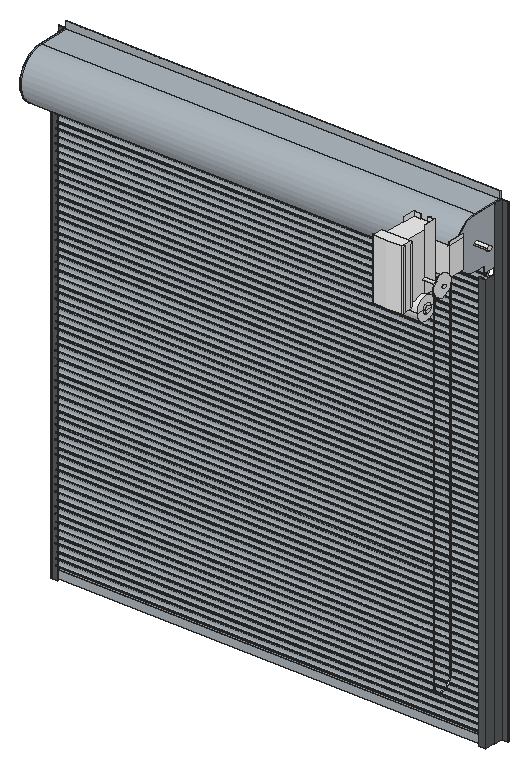
Revit family "Doors_Industrial_Wayne-Dalton_Rolling-Service-Doors-Model-900_", category Specialty Equipment, host Wall, Revit 2019 (continued)
Definition of nested family "900"
  Forms (in)
    Extrusion 2, solid, material <- "Panel Material", visible <- "#2"
      sketch origin (0, -4.88176, 13.73777) x (0, 1, 0) y (0, 0, 1)
        loop
          spline (5.10421, -10.08769) -> (5.23253, -10.12962) -> (5.31627, -10.20036) -> (5.36837, -10.29927) -> (5.40143, -10.42552) -> (5.42135, -10.57448) -> (5.42766, -10.73793) -> (5.41968, -10.90753) -> (5.39669, -11.07492) -> (5.35577, -11.23087) -> (5.28959, -11.36436) -> (5.19031, -11.4642) -> (5.05007, -11.51918)
          arc (5.05007, -11.51918) -> (4.98228, -11.61896) -> (5.07478, -11.69639) r 0.08991
          arc (5.07478, -11.69639) -> (4.98011, -11.85314) -> (5.10432, -11.98771) r 0.15243
          spline (5.10432, -11.98771) -> (5.23292, -12.02973) -> (5.31684, -12.10063) -> (5.36905, -12.19975) -> (5.40218, -12.32627) -> (5.42214, -12.47554) -> (5.42847, -12.63934) -> (5.42047, -12.8093) -> (5.39743, -12.97705) -> (5.35642, -13.13333) -> (5.29011, -13.26711) -> (5.19061, -13.36717) -> (5.05007, -13.42226)
          arc (5.05007, -13.42226) -> (4.98186, -13.51851) -> (5.06769, -13.59946) r 0.08991
          arc (5.06769, -13.59946) -> (5.14916, -13.8892) -> (5.16282, -13.58853) r 0.15243
          line (5.16282, -13.58853) -> (5.06209, -13.53739)
          arc (5.06209, -13.53739) -> (5.04215, -13.50482) -> (5.06226, -13.47236) r 0.03642
          spline (5.06226, -13.47236) -> (5.20336, -13.41363) -> (5.31139, -13.31922) -> (5.39023, -13.19291) -> (5.44374, -13.03849) -> (5.47576, -12.86007) -> (5.48904, -12.66836) -> (5.48534, -12.48039) -> (5.46639, -12.31344) -> (5.43391, -12.18465) -> (5.39029, -12.09923) -> (5.33914, -12.04022) -> (5.2842, -11.98827)
          line (5.2842, -11.98827) -> (5.2842, -11.83777)
          arc (5.2842, -11.83777) -> (5.25002, -11.74158) -> (5.16282, -11.68853) r 0.15243
          line (5.16282, -11.68853) -> (5.06209, -11.63739)
          arc (5.06209, -11.63739) -> (5.04215, -11.60482) -> (5.06226, -11.57236) r 0.03642
          spline (5.06226, -11.57236) -> (5.20336, -11.51363) -> (5.31139, -11.41922) -> (5.39023, -11.29291) -> (5.44374, -11.13849) -> (5.47576, -10.96007) -> (5.48904, -10.76836) -> (5.48534, -10.58039) -> (5.46639, -10.41344) -> (5.43391, -10.28465) -> (5.39029, -10.19923) -> (5.33914, -10.14022) -> (5.2842, -10.08827)
          line (5.2842, -10.08827) -> (5.2842, -9.93777)
          arc (5.2842, -9.93777) -> (5.25002, -9.84158) -> (5.16282, -9.78853) r 0.15243
          line (5.16282, -9.78853) -> (5.06209, -9.73739)
          arc (5.06209, -9.73739) -> (5.04215, -9.70482) -> (5.06226, -9.67236) r 0.03642
          spline (5.06226, -9.67236) -> (5.20336, -9.61363) -> (5.31139, -9.51922) -> (5.39023, -9.39291) -> (5.44374, -9.23849) -> (5.47576, -9.06007) -> (5.48904, -8.86836) -> (5.48534, -8.68039) -> (5.46639, -8.51344) -> (5.43391, -8.38465) -> (5.39029, -8.29923) -> (5.33914, -8.24022) -> (5.2842, -8.18827)
          line (5.2842, -8.18827) -> (5.2842, -8.03777)
          arc (5.2842, -8.03777) -> (5.25002, -7.94158) -> (5.16282, -7.88853) r 0.15243
          line (5.16282, -7.88853) -> (5.06209, -7.83739)
          arc (5.06209, -7.83739) -> (5.04215, -7.80482) -> (5.06226, -7.77236) r 0.03642
          spline (5.06226, -7.77236) -> (5.20336, -7.71363) -> (5.31139, -7.61922) -> (5.39023, -7.49291) -> (5.44374, -7.33849) -> (5.47576, -7.16007) -> (5.48904, -6.96836) -> (5.48534, -6.78039) -> (5.46639, -6.61344) -> (5.43391, -6.48465) -> (5.39029, -6.39923) -> (5.33914, -6.34022) -> (5.2842, -6.28827)
      from -61.8125 to 61.8125
    Extrusion 3, void
      sketch origin (0, 0, 0) x (0, 1, 0) y (0, 0, 1)
        loop
          line (1.44, 0.97) -> (1.44, 0.22) -> (1.5, 0.22) -> (1.5, 0.97) -> (1.44, 0.97)
        loop
          line (1.44, 2.87) -> (1.44, 2.12) -> (1.5, 2.12) -> (1.5, 2.87) -> (1.44, 2.87)
        loop
          line (1.44, 4.77) -> (1.44, 4.02) -> (1.5, 4.02) -> (1.5, 4.77) -> (1.44, 4.77)
        loop
          line (1.44, 6.67) -> (1.44, 5.92) -> (1.5, 5.92) -> (1.5, 6.67) -> (1.44, 6.67)
        loop
          line (1.44, 10.47) -> (1.44, 9.72) -> (1.5, 9.72) -> (1.5, 10.47) -> (1.44, 10.47)
        loop
          line (1.44, 8.57) -> (1.44, 7.82) -> (1.5, 7.82) -> (1.5, 8.57) -> (1.44, 8.57)
        loop
          line (1.44, 12.37) -> (1.44, 11.62) -> (1.5, 11.62) -> (1.5, 12.37) -> (1.44, 12.37)
      from -60.8125 to 60.8125
  Cuts and joins
    Extrusion 3 cuts Extrusion 1
  Lines and regions (in)
    reference lines
      curve 1: line (0, -4.98186, 12.78) -> (0, 9.9577, 12.78)
      curve 2: line (0, -2.86663, 13.895) -> (0, 7.60337, 13.895)
      curve 3: line (0, -2.86663, 10.095) -> (0, 7.60337, 10.095)
      curve 4: line (0, -2.86663, 6.295) -> (0, 7.60337, 6.295)
      curve 5: line (0, -2.86663, 4.395) -> (0, 7.60337, 4.395)
      curve 6: line (0, -2.86663, 0.595) -> (0, 7.60337, 0.595)
      curve 7: line (0, -2.86663, 2.495) -> (0, 7.60337, 2.495)
      curve 8: line (0, -2.86663, 11.995) -> (0, 7.60337, 11.995)
      curve 9: line (0, -2.86663, 8.195) -> (0, 7.60337, 8.195)
  Dimensions and locks (in)
    equal spacing: plane 4, plane 3 "Center (Left/Right)", plane 5
    "Opening Width": plane 4 to plane 5
    "Slat Width": plane 1 "Center (Front/Back)" to plane 6
    equal spacing: plane 1 "Center (Front/Back)", plane 8, plane 6
    locked: plane 9 to plane 6 at 0.03
    "Cutout Width Offset": plane 4 to plane 10
    "Cutout Width Offset": plane 5 to plane 11
    "Void Height": Extrusion 3 sketch curve to Extrusion 3 sketch curve  (x7)
    locked: Extrusion 3 sketch curve to Extrusion 3 sketch curve at 0.06  (x6)
    "Void Offset": plane 6 to Extrusion 3 sketch curve
    locked: curve 1 to level at 12.78
    "Slat Position": curve 6 to curve 2
    equal spacing: Extrusion 3 sketch curve, curve 3, Extrusion 3 sketch curve
    equal spacing: Extrusion 3 sketch curve, curve 4, Extrusion 3 sketch curve
    equal spacing: Extrusion 3 sketch curve, curve 6, Extrusion 3 sketch curve
    equal spacing: Extrusion 3 sketch curve, curve 5, Extrusion 3 sketch curve
    equal spacing: Extrusion 3 sketch curve, curve 7, Extrusion 3 sketch curve
    "Cutout Vertical Offset": curve 6 to plane 2
    equal spacing: curve 6, curve 7, curve 5, curve 4, curve 9, curve 3, curve 8, curve 2
    equal spacing: Extrusion 3 sketch curve, curve 9, Extrusion 3 sketch curve
    equal spacing: Extrusion 3 sketch curve, curve 8, Extrusion 3 sketch curve
    aligned and locked: plane 2 to level
    aligned and locked: plane 1 "Center (Front/Back)" to plane 7
    aligned and locked: plane 5 to Extrusion 1
    aligned and locked: plane 4 to Extrusion 1
    aligned and locked: plane 5 to Extrusion 2
    aligned and locked: plane 4 to Extrusion 2
    aligned and locked: plane 9 to nested 1
    aligned and locked: plane 3 "Center (Left/Right)" to nested 1
    aligned and locked: Extrusion 3 sketch curve to Extrusion 3 sketch curve  (x7)
    aligned and locked: plane 10 to Extrusion 3
    aligned and locked: plane 11 to Extrusion 3
    aligned and locked: plane 3 "Center (Left/Right)" to nested 2
    aligned and locked: plane 3 "Center (Left/Right)" to nested 3
    aligned and locked: plane 3 "Center (Left/Right)" to nested 4
    aligned and locked: plane 3 "Center (Left/Right)" to nested 5
    aligned and locked: plane 9 to nested 2
    aligned and locked: plane 9 to nested 3
    aligned and locked: plane 9 to nested 4
    aligned and locked: plane 9 to nested 5
    aligned and locked: plane 9 to nested 10
    aligned and locked: plane 9 to nested 9
    aligned and locked: plane 9 to nested 8
    aligned and locked: plane 9 to nested 7
    aligned and locked: plane 9 to nested 6
    aligned and locked: plane 9 to nested 12
    aligned and locked: plane 9 to nested 11
    aligned and locked: plane 9 to nested 14
    aligned and locked: plane 9 to nested 13
  Automatic sketch dimensions
    plane 1 "Center (Front/Back)" to curve 1 = 4.98186"
    plane 1 "Center (Front/Back)" to curve 9 = 2.86663"
    curve 3 to curve 9 = 0"
    curve 8 to curve 2 = 0"
    curve 4 to curve 9 = 0"
    plane 1 "Center (Front/Back)" to curve 7 = 2.86663"
    curve 5 to curve 7 = 0"
    curve 6 to curve 7 = 0"
    curve 5 to plane 6 = 7.10337"
    curve 6 to curve 5 = 0"
    curve 4 to curve 5 = 0"
    curve 7 to curve 5 = 0"
    curve 3 to curve 4 = 0"
    curve 8 to curve 3 = 0"
    curve 2 to curve 8 = 0"
    curve 9 to curve 4 = 0"
    curve 1 to curve 2 = 2.11523"
    curve 2 to curve 1 = 2.35433"
    Extrusion 2 sketch curve to Extrusion 2 sketch curve = 0"  (x17)
    curve 1 to Extrusion 2 sketch curve = 5.15016"
    curve 1 to Extrusion 2 sketch curve = 3.07963"
    Extrusion 2 sketch curve to Extrusion 2 sketch curve = 0.01202"  (x7)
    curve 1 to Extrusion 2 sketch curve = 1.17963"
    Extrusion 2 sketch curve to Extrusion 2 sketch curve = 0.0122"  (x7)
    Extrusion 2 sketch curve to Extrusion 2 sketch curve = 0.00925"  (x7)
    Extrusion 2 sketch curve to Extrusion 2 sketch curve = 0.00724"  (x7)
    Extrusion 2 sketch curve to Extrusion 2 sketch curve = 0.05414"
    Extrusion 2 sketch curve to Extrusion 2 sketch curve = 0.04212"  (x3)
    Extrusion 2 sketch curve to Extrusion 2 sketch curve = 0.05425"
    Extrusion 2 sketch curve to Extrusion 2 sketch curve = 0.04224"  (x2)
    Extrusion 2 sketch curve to Extrusion 2 sketch curve = 0.02744"  (x3)
    Extrusion 2 sketch curve to Extrusion 2 sketch curve = 0.02756"  (x4)
    Extrusion 2 sketch curve to Extrusion 2 sketch curve = 0.06968"
    Extrusion 2 sketch curve to Extrusion 2 sketch curve = 0.10073"  (x6)
    curve 1 to Extrusion 2 sketch curve = 3.13076"
    Extrusion 2 sketch curve to Extrusion 2 sketch curve = 0.15243"
    Extrusion 2 sketch curve to Extrusion 2 sketch curve = 0.17987"  (x3)
    Extrusion 2 sketch curve to Extrusion 2 sketch curve = 0.17999"  (x2)
    Extrusion 2 sketch curve to Extrusion 2 sketch curve = 0.14992"  (x3)
    Extrusion 2 sketch curve to Extrusion 2 sketch curve = 0.1505"  (x6)
    Extrusion 2 sketch curve to Extrusion 2 sketch curve = 1.43149"  (x3)
    Extrusion 2 sketch curve to Extrusion 2 sketch curve = 0.05318"  (x4)
    Extrusion 2 sketch curve to Extrusion 2 sketch curve = 0.03256"  (x5)
    Extrusion 2 sketch curve to Extrusion 2 sketch curve = 0.00162"  (x4)
    Extrusion 2 sketch curve to Extrusion 2 sketch curve = 0.14994"  (x2)
    Extrusion 2 sketch curve to Extrusion 2 sketch curve = 1.43455"  (x2)
    Extrusion 2 sketch curve to Extrusion 2 sketch curve = 0.0501"  (x3)
    Extrusion 2 sketch curve to Extrusion 2 sketch curve = 0.0047"  (x3)
    Extrusion 2 sketch curve to Extrusion 2 sketch curve = 0.14924"
    Extrusion 2 sketch curve to Extrusion 2 sketch curve = 0.00058"
    Extrusion 2 sketch curve to Extrusion 2 sketch curve = 0.02778"
    Extrusion 2 sketch curve to Extrusion 2 sketch curve = 1.43399"
    Extrusion 2 sketch curve to Extrusion 2 sketch curve = 0.00056"
    Extrusion 2 sketch curve to Extrusion 2 sketch curve = 0.06408"
    Extrusion 2 sketch curve to Extrusion 2 sketch curve = 0.0056"
    Extrusion 2 sketch curve to Extrusion 2 sketch curve = 0.09513"
    Extrusion 1 sketch curve to Extrusion 1 sketch curve = 0"  (x19)
    Extrusion 1 sketch curve to Extrusion 1 sketch curve = 0.04887"  (x7)
    curve 1 to Extrusion 1 sketch curve = 1.80618"
    Extrusion 1 sketch curve to Extrusion 1 sketch curve = 0.00664"  (x10)
    Extrusion 1 sketch curve to Extrusion 1 sketch curve = 0.05551"  (x11)
    Extrusion 1 sketch curve to Extrusion 1 sketch curve = 0.1397"  (x8)
    Extrusion 1 sketch curve to Extrusion 1 sketch curve = 0.11428"
    Extrusion 1 sketch curve to Extrusion 1 sketch curve = 0.11453"  (x6)
    Extrusion 1 sketch curve to Extrusion 1 sketch curve = 0.12457"
    Extrusion 1 sketch curve to Extrusion 1 sketch curve = 0.00293"
    Extrusion 1 sketch curve to Extrusion 1 sketch curve = 0.13352"  (x6)
    Extrusion 1 sketch curve to Extrusion 1 sketch curve = 0.13644"  (x4)
    Extrusion 1 sketch curve to Extrusion 1 sketch curve = 0.27021"
    Extrusion 1 sketch curve to Extrusion 1 sketch curve = 0.00449"  (x20)
    curve 1 to Extrusion 1 sketch curve = 3.3942"
    curve 1 to Extrusion 1 sketch curve = 1.7942"
    Extrusion 1 sketch curve to Extrusion 1 sketch curve = 0.00394"  (x6)
    Extrusion 1 sketch curve to Extrusion 1 sketch curve = 0.03464"  (x4)
    Extrusion 1 sketch curve to Extrusion 1 sketch curve = 1.32671"  (x6)
    Extrusion 1 sketch curve to Extrusion 1 sketch curve = 0.16713"  (x3)
    Extrusion 1 sketch curve to Extrusion 1 sketch curve = 0.14091"
    Extrusion 1 sketch curve to Extrusion 1 sketch curve = 0.05511"
    Extrusion 1 sketch curve to Extrusion 1 sketch curve = 0.02433"
    curve 1 to Extrusion 1 sketch curve = 4.98186"
    Extrusion 1 sketch curve to Extrusion 1 sketch curve = 0.06"
    Extrusion 1 sketch curve to Extrusion 1 sketch curve = 0.00398"
  Nested families (in)
    nested 1: "Perforation" at (0, 0.47, 0.595), visible <- "Fenestration", Perforation <- "Cutout Material", type "Perforation"
    nested 2: "Perforation" at (0, 0.47, 2.495), visible <- "Fenestration", Perforation <- "Cutout Material", type "Perforation"
    nested 3: "Perforation" at (0, 0.47, 4.395), visible <- "Fenestration", Perforation <- "Cutout Material", type "Perforation"
    nested 4: "Perforation" at (0, 0.47, 6.295), visible <- "Fenestration", Perforation <- "Cutout Material", type "Perforation"
    nested 5: "Perforation" at (0, 0.47, 10.095), visible <- "Fenestration", Perforation <- "Cutout Material", type "Perforation"
    nested 6: "Perforation" at (0, 0.47, 10.095), visible <- "Perforation", Perforation <- "Cutout Material Perforation", type "Perforation"
      with Perforation none
    nested 7: "Perforation" at (0, 0.47, 6.295), visible <- "Perforation", Perforation <- "Cutout Material Perforation", type "Perforation"
      with Perforation none
    nested 8: "Perforation" at (0, 0.47, 4.395), visible <- "Perforation", Perforation <- "Cutout Material Perforation", type "Perforation"
      with Perforation none
    nested 9: "Perforation" at (0, 0.47, 2.495), visible <- "Perforation", Perforation <- "Cutout Material Perforation", type "Perforation"
      with Perforation none
    nested 10: "Perforation" at (0, 0.47, 0.595), visible <- "Perforation", Perforation <- "Cutout Material Perforation", type "Perforation"
      with Perforation none
    nested 11: "Perforation" at (0, 0.47, 11.995), visible <- "Fenestration", Perforation <- "Cutout Material", type "Perforation"
    nested 12: "Perforation" at (0, 0.47, 11.995), visible <- "Perforation", Perforation <- "Cutout Material Perforation", type "Perforation"
      with Perforation none
    nested 13: "Perforation" at (0, 0.47, 8.195), visible <- "Fenestration", Perforation <- "Cutout Material", type "Perforation"
    nested 14: "Perforation" at (0, 0.47, 8.195), visible <- "Perforation", Perforation <- "Cutout Material Perforation", type "Perforation"
      with Perforation none
  Definition of nested family "Perforation"
    Parameters (values of type "Perforation")
      Thickness = 0.06"
      Perforation [instance] = none
      Opening Width = 123 5/8"
      Offset = 1"
      Height = 3/4"
      Default Elevation = 48"
    Reference planes (in)
      plane 1 "Center (Front/Back)": y = 0
      plane 2: z = 0
      plane 3 "Center (Left/Right)": x = 0
      plane 4: z = 0.375
      plane 5: z = -0.375
      plane 6: y = -0.03
      plane 7: y = 0.03
      plane 8: x = -61.8125
      plane 9: x = 61.8125
      plane 10: x = -60.8125
      plane 11: x = 60.8125
    Forms (in)
      Extrusion 1, solid, material <- "Perforation"
        sketch origin (0, -0.19, 0) x (0, 1, 0) y (0, 0, 1)
          loop
            line (0.16, 0.375) -> (0.16, -0.375) -> (0.22, -0.375) -> (0.22, 0.375) -> (0.16, 0.375)
        from -60.8125 to 60.8125
    Dimensions and locks (in)
      equal spacing: plane 4, level, plane 5
      "Height": plane 4 to plane 5
      equal spacing: plane 6, plane 1 "Center (Front/Back)", plane 7
      "Thickness": plane 6 to plane 7
      "Opening Width": plane 8 to plane 9
      "Offset": plane 8 to plane 10
      "Offset": plane 9 to plane 11
      equal spacing: plane 8, plane 3 "Center (Left/Right)", plane 9
      aligned and locked: plane 2 to level
      aligned and locked: plane 4 to Extrusion 1
      aligned and locked: Extrusion 1 to plane 5
      aligned and locked: plane 6 to Extrusion 1
      aligned and locked: plane 7 to Extrusion 1
      aligned and locked: Extrusion 1 to plane 10
      aligned and locked: plane 11 to Extrusion 1
    Automatic sketch dimensions
      Extrusion 1 sketch curve to level = 3/8"
      plane 1 "Center (Front/Back)" to Extrusion 1 sketch curve = 0.03"
      Extrusion 1 sketch curve to plane 1 "Center (Front/Back)" = 0.03"
      plane 4 to Extrusion 1 sketch curve = 0"
Definition of nested family "Lifts"
  Parameters (values of type "Frame Unit")
    True Width = if(Between Jambs, Opening Width, Opening Width + 1/2")  # 120 1/2"
    Slat Option = 1
    Side Clearance R = 9"
    Side Clearance L = 7"
    Round Hood [instance] = 1 = 1  # yes
    Rough Width = 0"
    Rough Height = 0"
    No Hood [instance] = no
    M Value = 3 1/4"
    Hood Offset = 2"
    Hood Height = Headroom Height Real - Hood Offset  # 18 1/2"
    Headroom Height Real = Headroom Height  # 20 1/2"
    Half Hood Height = Headroom Height - Hood Offset  # 18 1/2"
    Guide Z Wide R = if(Between Jambs, (Guide Offset R - G Value) / 3 * 2, G Value - 1/4")  # 2 1/2"
    Guide Z Wide L = if(Between Jambs, (Guide Offset L - G Value) / 3 * 2, G Value - 1/4")  # 2 1/2"
    Guide Offset R = BJ Displacement R + G Value  # 2 3/4"
    Guide Offset L = BJ Displacement L + G Value  # 2 3/4"
    G Value = 2 3/4"
    E Guide Width R = if(Between Jambs, (Guide Offset R - G Value) / 3 * 2, 3")  # 3"
    E Guide Width L = if(Between Jambs, (Guide Offset L - G Value) / 3 * 2, 3")  # 3"
    E Guide Height = 3"  # constant formula
    Z Guide = 1 = 1  # yes
    Slat Material = none
    Shaft Offset = (Hood Height - 2") / 2  # 8 1/4"
    Shaft Material = none
    Shaft Length 2 = G Value + 4"  # 6 3/4"
    Shaft Length 1 = G Value + 4"  # 6 3/4"
    Setback = if(Between Jambs, 0", 1/4")  # 1/4"
    Radius Hood = Shaft Offset  # 8 1/4"
    Opening Width = 120"
    Hood Material = none
    Headroom Height = 20 1/2"
    Header Width = 18 1/2"
    Opening Height = 120"
    Guide Type = if(Between Jambs, "Angled Between Jambs Z Guide", if(Guide Option > 1, "Angled Z Guide", "Angled E Guide"))  # "Angled Z Guide"
    Guide Option = if(Between Jambs, 1, 2)  # 2
    Guide Z Height = 2 3/4"  # constant formula
    Floor To (CL) of Shaft = 132 1/4"
    Finish Material = none
    Face to Wall Mount = not(Between Jambs)  # yes
    E Guide = if(Between Jambs, 1 = 1, 1 = 2)  # no
    D Value = 5 1/2"
    Between Jambs = no
    BJ Position = if(Between Jambs, 1/4", 0")  # 0"
    BJ Displacement R = if(Face to Wall Mount, 0", Side Clearance R - G Value)  # 0"
    BJ Displacement L = if(Face to Wall Mount, 0", Side Clearance L - G Value)  # 0"
    Angled Guide = 1 = 1  # yes
  Reference planes (in)
    plane 1 "Center (Front/Back)": y = 0
    plane 2: z = 0
    plane 3 "Center (Left/Right)": x = 0
    plane 4 "Opening Height": z = 120
    plane 5: x = -66.75
    plane 6: x = 66.75
    plane 7: z = 140.5
    plane 8: y = 18.5
    plane 9 "Real Opening 2": x = -60
    plane 10 "Real Opening 1": x = 60
    plane 11: z = 122
    plane 12 "Main": y = 0
    plane 13: z = 132.25
    plane 14: y = 10.25
    plane 15: x = 62.75
    plane 16: x = -62.75
    plane 17: x = -62.75
    plane 18: x = 62.75
    plane 19: y = 5.5
    plane 20: x = -62.5
    plane 21: x = 62.5
    plane 22: z = 142.5
    plane 23: y = 5.5
    plane 24: y = 4.375
    plane 25: y = 5.5
    plane 26: y = 4.375
  Forms (in)
    Extrusion 1, solid, material <- "Slat Material"
      sketch origin (0, 0, 0) x (0, 1, 0) y (0, 0, 1)
        loop
          line (4.75, 2.375) -> (4.75, 2.75) -> (4, 2.75) -> (4, 2.375) -> (4.75, 2.375)
      from -62.5 to 62.5
    Extrusion 2, solid, material <- "Slat Material"
      sketch origin (0, 0, 0) x (0, 1, 0) y (0, 0, 1)
        loop
          line (4.75, 2.375) -> (4, 2.375) -> (4, 0) -> (4.75, 0) -> (4.75, 2.375)
      from -62.5 to 62.5
    Extrusion 3, solid, material <- "Shaft Material"
      sketch origin (0, -5.35201, 0) x (0, 1, 0) y (0, 0, 1)
        loop
          circle (15.60201, 132.25) r 0.6
      from -66.75 to 66.75
    Extrusion 4, solid, material <- "Hood Material"
      sketch origin (0, 0, 0) x (0, 1, 0) y (0, 0, 1)
        loop
          line (0, 140.5) -> (0, 122) -> (6, 122) -> (6, 124) -> (10.25, 124)
          arc (10.25, 124) -> (18.5, 132.25) -> (10.25, 140.5) r 8.25
          line (10.25, 140.5) -> (0, 140.5)
      from -62.75 to 62.75
    Extrusion 5, solid, material <- "Finish Material", visible <- "E Guide"
      sketch origin (0, 0, 0) x (1, 0, 0) y (0, 1, 0)
        loop
          line (59.75, 0) -> (62.75, 0) -> (62.75, 3) -> (62.6875, 3)
          arc (62.6875, 3) -> (62.55492, 2.94508) -> (62.5, 2.8125) r 0.1875
          line (62.5, 2.8125) -> (62.5, 0.25) -> (59.9375, 0.25)
          arc (59.9375, 0.25) -> (59.80492, 0.19508) -> (59.75, 0.0625) r 0.1875
          line (59.75, 0.0625) -> (59.75, 0)
        loop
          line (-59.75, 0) -> (-59.75, 0.0625)
          arc (-59.75, 0.0625) -> (-59.80492, 0.19508) -> (-59.9375, 0.25) r 0.1875
          line (-59.9375, 0.25) -> (-62.5, 0.25) -> (-62.5, 2.8125)
          arc (-62.5, 2.8125) -> (-62.55492, 2.94508) -> (-62.6875, 3) r 0.1875
          line (-62.6875, 3) -> (-62.75, 3) -> (-62.75, 0) -> (-59.75, 0)
      from 0 to 140.5
    Extrusion 6, solid, material <- "Finish Material", visible <- "Z Guide"
      sketch origin (0, 0, 0) x (1, 0, 0) y (0, 1, 0)
        loop
          line (65.25, 0) -> (65.25, 0.062)
          arc (65.25, 0.062) -> (65.19494, 0.19494) -> (65.062, 0.25) r 0.188
          line (65.062, 0.25) -> (63, 0.25) -> (63, 2.562)
          arc (63, 2.562) -> (62.94494, 2.69494) -> (62.812, 2.75) r 0.188
          line (62.812, 2.75) -> (62.75, 2.75) -> (62.75, 0) -> (65.25, 0)
        loop
          line (-65.25, 0) -> (-62.75, 0) -> (-62.75, 2.75) -> (-62.812, 2.75)
          arc (-62.812, 2.75) -> (-62.94494, 2.69494) -> (-63, 2.562) r 0.188
          line (-63, 2.562) -> (-63, 0.25) -> (-65.062, 0.25)
          arc (-65.062, 0.25) -> (-65.19494, 0.19494) -> (-65.25, 0.062) r 0.188
          line (-65.25, 0.062) -> (-65.25, 0)
      from 0 to 140.5
    Extrusion 7, solid, material <- "Finish Material", visible <- "Angled Guide"
      sketch origin (0, 0, 0) x (1, 0, 0) y (0, 1, 0)
        loop
          line (60.25, 5.5) -> (60.25, 5.437)
          arc (60.25, 5.437) -> (60.30477, 5.30477) -> (60.437, 5.25) r 0.187
          line (60.437, 5.25) -> (62.5, 5.25) -> (62.5, 3.5) -> (60.25, 3.5) -> (60.25, 3.437)
          arc (60.25, 3.437) -> (60.30477, 3.30477) -> (60.437, 3.25) r 0.187
          line (60.437, 3.25) -> (62.25, 3.25) -> (62.25, 1.25) -> (62.75, 1.25) -> (62.75, 5.5) -> (60.25, 5.5)
        loop
          line (-60.25, 5.5) -> (-62.75, 5.5) -> (-62.75, 1.25) -> (-62.25, 1.25) -> (-62.25, 3.25) -> (-60.437, 3.25)
          arc (-60.437, 3.25) -> (-60.30477, 3.30477) -> (-60.25, 3.437) r 0.187
          line (-60.25, 3.437) -> (-60.25, 3.5) -> (-62.5, 3.5) -> (-62.5, 5.25) -> (-60.437, 5.25)
          arc (-60.437, 5.25) -> (-60.30477, 5.30477) -> (-60.25, 5.437) r 0.187
          line (-60.25, 5.437) -> (-60.25, 5.5)
      from 0 to 120
    Extrusion 8, solid, material <- "Hood Material"
      sketch origin (0, 35, 0) x (0, 1, 0) y (0, 0, 1)
        loop
          line (-35, 140.5) -> (-35, 122) -> (-29, 122) -> (-29, 124) -> (-24.75, 124)
          arc (-24.75, 124) -> (-16.5, 132.25) -> (-24.75, 140.5) r 8.25
          line (-24.75, 140.5) -> (-35, 140.5)
      from -62.5 to 62.5
    Extrusion 9, void
      sketch origin (0, 0, 0) x (0, 1, 0) y (0, 0, 1)
        loop
          line (0, 140.5) -> (0, 122) -> (18.5, 122) -> (18.5, 140.5) -> (0, 140.5)
      from -62.5 to 62.5
  Cuts and joins
    Extrusion 9 cuts Extrusion 4
  Lines and regions (in)
    Masking region 1
      outline origin (0, 0, 0) x (1, 0, 0) y (0, 1, 0)
        loop
          line (66.75, 10.85) -> (62.75, 10.85) -> (62.75, 9.65) -> (66.75, 9.65) -> (66.75, 10.85)
        loop
          line (-66.75, 9.65) -> (-62.75, 9.65) -> (-62.75, 10.85) -> (-66.75, 10.85) -> (-66.75, 9.65)
    Masking region 2
      outline origin (0, 0, 0) x (1, 0, 0) y (0, 1, 0)
        loop
          line (-62.75, 18.5) -> (-62.75, 0) -> (62.75, 0) -> (62.75, 18.5) -> (-62.75, 18.5)
    Masking region 3, visible <- "E Guide"
      outline origin (0, 0, 0) x (1, 0, 0) y (0, 1, 0)
        loop
          line (-62.75, 3) -> (-62.75, 0) -> (-59.75, 0) -> (-59.75, 0.0625)
          arc (-59.75, 0.0625) -> (-59.80492, 0.19508) -> (-59.9375, 0.25) r 0.1875
          line (-59.9375, 0.25) -> (-62.5, 0.25) -> (-62.5, 2.8125)
          arc (-62.5, 2.8125) -> (-62.55492, 2.94508) -> (-62.6875, 3) r 0.1875
          line (-62.6875, 3) -> (-62.75, 3)
        loop
          line (62.75, 0) -> (62.75, 3) -> (62.6875, 3)
          arc (62.6875, 3) -> (62.55492, 2.94508) -> (62.5, 2.8125) r 0.1875
          line (62.5, 2.8125) -> (62.5, 0.25) -> (59.9375, 0.25)
          arc (59.9375, 0.25) -> (59.80492, 0.19508) -> (59.75, 0.0625) r 0.1875
          line (59.75, 0.0625) -> (59.75, 0) -> (62.75, 0)
    Masking region 4
      outline origin (0, 0, 0) x (1, 0, 0) y (0, 1, 0)
        loop
          line (-63, 0.25) -> (-65.062, 0.25)
          arc (-65.062, 0.25) -> (-65.19494, 0.19494) -> (-65.25, 0.062) r 0.188
          line (-65.25, 0.062) -> (-65.25, 0) -> (-62.75, 0) -> (-62.75, 2.75) -> (-62.812, 2.75)
          arc (-62.812, 2.75) -> (-62.94494, 2.69494) -> (-63, 2.562) r 0.188
          line (-63, 2.562) -> (-63, 0.25)
        loop
          line (62.75, 2.75) -> (62.75, 0) -> (65.25, 0) -> (65.25, 0.062)
          arc (65.25, 0.062) -> (65.19494, 0.19494) -> (65.062, 0.25) r 0.188
          line (65.062, 0.25) -> (63, 0.25) -> (63, 2.562)
          arc (63, 2.562) -> (62.94494, 2.69494) -> (62.812, 2.75) r 0.188
          line (62.812, 2.75) -> (62.75, 2.75)
    symbolic lines
      curve 1: line (-62.5, 0, 0) -> (-62.5, 18.5, 0)
      curve 2: line (62.5, 18.5, 0) -> (62.5, 0, 0)
  Dimensions and locks (in)
    Extrusion 1 sketch curve to level = 2 3/8"
    Extrusion 1 sketch curve to Extrusion 1 sketch curve = 3/4"
    locked: Extrusion 2 sketch curve to level at 2.375
    "Headroom Height Real": plane 7 to plane 4 "Opening Height"
    plane 8 to plane 1 "Center (Front/Back)" = 18 1/2"
    "Opening Height": plane 4 "Opening Height" to level
    "Hood Offset": plane 11 to plane 4 "Opening Height"
    "BJ Position": plane 12 "Main" to plane 1 "Center (Front/Back)"
    "Header Width": plane 12 "Main" to plane 8
    "Floor To (CL) of Shaft": plane 13 to level
    "Shaft Offset": Extrusion 3 sketch curve to plane 8
    locked: Extrusion 2 sketch curve to Extrusion 2 sketch curve at 0.75
    "Shaft Offset": plane 8 to plane 14
    locked: Masking region 1 sketch curve to Masking region 1 sketch curve at 1.2
    locked: Masking region 1 sketch curve to plane 14 at 0.6
    "Guide Offset L": plane 10 "Real Opening 1" to plane 15
    "Guide Offset R": plane 16 to plane 9 "Real Opening 2"
    locked: Extrusion 5 sketch curve to Extrusion 5 sketch curve at 0.25  (x4)
    "E Guide Height": Extrusion 5 sketch curve to Extrusion 5 sketch curve  (x2)
    "E Guide Width L": Extrusion 5 sketch curve to Extrusion 5 sketch curve
    "E Guide Width R": Extrusion 5 sketch curve to Extrusion 5 sketch curve
    locked: Extrusion 6 sketch curve to Extrusion 6 sketch curve at 0.25  (x4)
    "Guide Z Wide L": Extrusion 6 sketch curve to Extrusion 6 sketch curve
    "Guide Z Height": Extrusion 6 sketch curve to Extrusion 6 sketch curve  (x2)
    "Guide Z Wide R": Extrusion 6 sketch curve to Extrusion 6 sketch curve
    locked: Extrusion 7 sketch curve to Extrusion 7 sketch curve at 0.25  (x6)
    locked: Extrusion 7 sketch curve to Extrusion 7 sketch curve at 2.25  (x2)
    locked: Extrusion 7 sketch curve to Extrusion 7 sketch curve at 4.25  (x2)
    "Setback": plane 10 "Real Opening 1" to Extrusion 7 sketch curve
    "Setback": Extrusion 7 sketch curve to plane 9 "Real Opening 2"
    "G Value": Extrusion 6 sketch curve to plane 9 "Real Opening 2"
    "G Value": plane 10 "Real Opening 1" to Extrusion 6 sketch curve
    "G Value": plane 10 "Real Opening 1" to plane 18
    "G Value": plane 17 to plane 9 "Real Opening 2"
    "Shaft Length 1": plane 5 to plane 9 "Real Opening 2"
    "Shaft Length 2": plane 6 to plane 10 "Real Opening 1"
    locked: Extrusion 2 to plane 18 at 0.25
    locked: Extrusion 2 to plane 17 at 0.25
    locked: plane 17 to plane 20 at 0.25
    locked: plane 21 to plane 18 at 0.25
    equal spacing: plane 9 "Real Opening 2", plane 3 "Center (Left/Right)", plane 10 "Real Opening 1"
    "Opening Width": plane 9 "Real Opening 2" to plane 10 "Real Opening 1"
    locked: plane 22 to plane 7 at 2
    "D Value": plane 1 "Center (Front/Back)" to plane 19
    "D Value": plane 23 to plane 1 "Center (Front/Back)"
    locked: plane 23 to plane 24 at 1.125
    equal spacing: Extrusion 1 sketch curve, plane 24, Extrusion 1 sketch curve
    "D Value": plane 25 to plane 1 "Center (Front/Back)"
    locked: plane 25 to plane 26 at 1.125
    equal spacing: Extrusion 2 sketch curve, plane 26, Extrusion 2 sketch curve
    "G Value": plane 10 "Real Opening 1" to Extrusion 7 sketch curve
    "G Value": Extrusion 7 sketch curve to plane 9 "Real Opening 2"
    locked: Extrusion 4 sketch curve to Extrusion 4 sketch curve at 6
    "Shaft Offset": Extrusion 4 sketch curve to plane 8
    locked: Extrusion 4 sketch curve to plane 11 at 2
    Extrusion 6 to plane 8 = 18 1/2"
    locked: Extrusion 8 sketch curve to Extrusion 8 sketch curve at 6
    "Shaft Offset": Extrusion 8 sketch curve to plane 8
    locked: Extrusion 8 sketch curve to plane 11 at 2
    radius of Extrusion 5 sketch curve = 3/16"  (x4)
    radius of Extrusion 6 sketch curve = 0.188"  (x4)
    locked: Extrusion 7 sketch curve to Extrusion 7 sketch curve (radius 0.187")  (x4)
    aligned and locked: plane 2 to level
    aligned and locked: plane 5 to Extrusion 3
    aligned and locked: Extrusion 3 to plane 6
    aligned and locked: Extrusion 4 sketch curve to plane 7
    aligned and locked: plane 13 to Extrusion 3 sketch curve
    aligned and locked: plane 5 to Masking region 1 sketch curve
    aligned and locked: plane 6 to Masking region 1 sketch curve
    aligned and locked: Masking region 1 sketch curve to Masking region 1 sketch curve  (x2)
    aligned and locked: plane 12 "Main" to Extrusion 5 sketch curve  (x2)
    aligned and locked: Extrusion 5 sketch curve to plane 15
    aligned and locked: plane 16 to Extrusion 5 sketch curve
    aligned and locked: Extrusion 6 sketch curve to plane 1 "Center (Front/Back)"  (x2)
    aligned and locked: plane 19 to Extrusion 7 sketch curve
    aligned and locked: Extrusion 7 sketch curve to Extrusion 7 sketch curve  (x2)
    aligned and locked: Extrusion 7 sketch curve to plane 19
    aligned and locked: plane 4 "Opening Height" to Extrusion 7
    aligned and locked: Extrusion 4 sketch curve to plane 12 "Main"
    aligned and locked: Masking region 2 to curve 2  (x2)
    aligned and locked: Masking region 2 to curve 1  (x2)
    aligned and locked: Masking region 3 sketch curve to Extrusion 5  (x10)
    aligned and locked: Extrusion 2 to Extrusion 1
    aligned and locked: Extrusion 1 to Extrusion 2
    aligned and locked: Masking region 2 to plane 17
    aligned and locked: Masking region 2 to plane 18
    aligned and locked: plane 18 to Masking region 1 sketch curve
    aligned and locked: Masking region 1 sketch curve to plane 17
    aligned and locked: plane 7 to Extrusion 5
    aligned and locked: Extrusion 4 sketch curve to plane 11
    aligned and locked: Extrusion 4 to plane 17
    aligned and locked: Extrusion 4 to plane 18
    aligned and locked: Extrusion 8 sketch curve to plane 7
    aligned and locked: Extrusion 8 sketch curve to plane 12 "Main"
    aligned and locked: Extrusion 8 sketch curve to plane 11
    aligned and locked: Extrusion 8 to plane 20
    aligned and locked: Extrusion 8 to plane 21
    aligned and locked: Extrusion 9 sketch curve to plane 12 "Main"
    aligned and locked: Extrusion 9 sketch curve to plane 11
    aligned and locked: Extrusion 9 sketch curve to plane 8
    aligned and locked: Extrusion 9 sketch curve to plane 7
    aligned and locked: Extrusion 9 to plane 20
    aligned and locked: Extrusion 9 to plane 21
    aligned and locked: Masking region 4 sketch curve to Extrusion 6  (x12)
    aligned and locked: plane 7 to Extrusion 6
  Automatic sketch dimensions
    curve 1 to plane 20 = 0"
    curve 2 to plane 21 = 0"
    Masking region 2 sketch curve to plane 1 "Center (Front/Back)" = 0"
    Masking region 2 sketch curve to plane 17 = 0"
    Masking region 2 sketch curve to plane 18 = 0"
    Masking region 2 sketch curve to plane 8 = 0"
    Extrusion 1 sketch curve to Extrusion 1 sketch curve = 3/8"
    Extrusion 2 sketch curve to level = 0"
    Extrusion 7 sketch curve to plane 20 = 1/4"
    plane 21 to Extrusion 7 sketch curve = 1/4"
    radius of Extrusion 3 sketch curve = 0.6"
Definition of nested family "Label Annotation 1"
  Parameters (values of type "Label Annotation 1-8")
    Label = "Area is too big. Please reduce Door Size."
  Reference planes (in)
    plane 1: y = 0
    plane 2: x = 0
  Text (in)
    label "Label" at (0.00375, -0.00345, 0), shows "Label"
Definition of nested family "Warning Sign"
  Parameters (values of type "Warning Sign")
    Warning Sign [instance] = no
    Default Elevation = 48"
  Reference planes (in)
    plane 1 "Center (Front/Back)": y = 0
    plane 2: z = 0
    plane 3 "Center (Left/Right)": x = 0
    plane 4: y = 0.5
    plane 5: y = -0.5
    plane 6: y = 1
    plane 7: y = 0.25
  Lines and regions (in)
    model lines
      curve 1: line (-2.26129, 1, 45.69444) -> (-26.3817, 1, 3.91667)
      curve 2: line (-25.25106, 1, 3.26389) -> (-1.13064, 1, 45.04167)
      curve 3: arc (2.26129, 1, 45.69444) -> (0, 1, 47) -> (-2.26129, 1, 45.69444) r 2.61111
      curve 4: arc (-1.13064, 1, 45.04167) -> (0, 1, 45.69444) -> (1.13064, 1, 45.04167) r 1.30556
      curve 5: line (1.13064, 1, 45.04167) -> (25.25106, 1, 3.26389)
      curve 6: line (26.3817, 1, 3.91667) -> (2.26129, 1, 45.69444)
      curve 7: arc (25.25106, 1, 3.26389) -> (25.25106, 1, 1.95833) -> (24.12041, 1, 1.30556) r 1.30556
      curve 8: arc (24.12041, 1, 0) -> (26.3817, 1, 1.30556) -> (26.3817, 1, 3.91667) r 2.61111
      curve 9: line (24.12041, 1, 1.30556) -> (-24.12041, 1, 1.30556)
      curve 10: line (-24.12041, 1, 0) -> (24.12041, 1, 0)
      curve 11: arc (-24.12041, 1, 1.30556) -> (-25.25106, 1, 1.95833) -> (-25.25106, 1, 3.26389) r 1.30556
      curve 12: arc (-26.3817, 1, 3.91667) -> (-26.3817, 1, 1.30556) -> (-24.12041, 1, 0) r 2.61111
      curve 13: arc (-2.29479, 1, 8.63537) -> (0, 1, 6.34057) -> (2.29479, 1, 8.63537) r 2.29479
      curve 14: arc (2.29479, 1, 8.63537) -> (0, 1, 10.93016) -> (-2.29479, 1, 8.63537) r 2.29479
      curve 15: arc (-1.6331, 1, 13.97069) -> (0.03439, 1, 12.53727) -> (1.69278, 1, 13.98121) r 1.68043
      curve 16: line (-3.77413, 1, 28.37873) -> (-1.6331, 1, 13.97069)
      curve 17: line (1.69278, 1, 13.98121) -> (3.73924, 1, 28.37873)
      curve 18: arc (3.73924, 1, 28.37873) -> (-0.01745, 1, 32.13541) -> (-3.77413, 1, 28.37873) r 3.75668
      curve 19: line (-2.26129, -0.5, 45.69444) -> (-26.3817, -0.5, 3.91667)
      curve 20: line (-25.25106, -0.5, 3.26389) -> (-1.13064, -0.5, 45.04167)
      curve 21: arc (2.26129, -0.5, 45.69444) -> (0, -0.5, 47) -> (-2.26129, -0.5, 45.69444) r 2.61111
      curve 22: arc (-1.13064, -0.5, 45.04167) -> (0, -0.5, 45.69444) -> (1.13064, -0.5, 45.04167) r 1.30556
      curve 23: line (1.13064, -0.5, 45.04167) -> (25.25106, -0.5, 3.26389)
      curve 24: line (26.3817, -0.5, 3.91667) -> (2.26129, -0.5, 45.69444)
      curve 25: arc (25.25106, -0.5, 3.26389) -> (25.25106, -0.5, 1.95833) -> (24.12041, -0.5, 1.30556) r 1.30556
      curve 26: arc (24.12041, -0.5, 0) -> (26.3817, -0.5, 1.30556) -> (26.3817, -0.5, 3.91667) r 2.61111
      curve 27: line (24.12041, -0.5, 1.30556) -> (-24.12041, -0.5, 1.30556)
      curve 28: line (-24.12041, -0.5, 0) -> (24.12041, -0.5, 0)
      curve 29: arc (-24.12041, -0.5, 1.30556) -> (-25.25106, -0.5, 1.95833) -> (-25.25106, -0.5, 3.26389) r 1.30556
      curve 30: arc (-26.3817, -0.5, 3.91667) -> (-26.3817, -0.5, 1.30556) -> (-24.12041, -0.5, 0) r 2.61111
      curve 31: arc (-2.29479, -0.5, 8.63537) -> (0, -0.5, 6.34057) -> (2.29479, -0.5, 8.63537) r 2.29479
      curve 32: arc (2.29479, -0.5, 8.63537) -> (0, -0.5, 10.93016) -> (-2.29479, -0.5, 8.63537) r 2.29479
      curve 33: arc (-1.6331, -0.5, 13.97069) -> (0.03439, -0.5, 12.53727) -> (1.69278, -0.5, 13.98121) r 1.68043
      curve 34: line (-3.77413, -0.5, 28.37873) -> (-1.6331, -0.5, 13.97069)
      curve 35: line (1.69278, -0.5, 13.98121) -> (3.73924, -0.5, 28.37873)
      curve 36: arc (3.73924, -0.5, 28.37873) -> (-0.01745, -0.5, 32.13541) -> (-3.77413, -0.5, 28.37873) r 3.75668
  Dimensions and locks (in)
    locked: plane 1 "Center (Front/Back)" to plane 4 at 0.5
    equal spacing: plane 1 "Center (Front/Back)", plane 7, plane 4
    locked: plane 4 to plane 6 at 0.5
    locked: plane 5 to plane 1 "Center (Front/Back)" at 0.5
    aligned and locked: plane 2 to level
  Automatic sketch dimensions
    curve 21 to curve 22 = 0"  (x2)
    curve 25 to curve 26 = 0"  (x2)
    curve 29 to curve 30 = 0"  (x2)
    curve 31 to curve 32 = 0"  (x2)
    curve 21 to plane 3 "Center (Left/Right)" = 0"
    curve 31 to plane 3 "Center (Left/Right)" = 0"
    curve 30 to level = 0"
    level to curve 27 = 1.30556"
    curve 26 to curve 27 = 1.30556"
    curve 29 to curve 27 = 1.30556"
    curve 23 to curve 25 = 0.65278"
    curve 20 to curve 29 = 0.65278"
    curve 24 to curve 23 = 0.65278"
    curve 19 to curve 20 = 0.65278"
    level to curve 32 = 8.63537"
    curve 34 to plane 3 "Center (Left/Right)" = 1.6331"
    curve 34 to curve 31 = 5.33532"
    plane 3 "Center (Left/Right)" to curve 35 = 1.69278"
    curve 35 to curve 34 = 0.01052"
    plane 3 "Center (Left/Right)" to curve 33 = 0.02908"
    curve 36 to plane 3 "Center (Left/Right)" = 0.01745"
    curve 36 to curve 33 = 14.16104"
    curve 22 to curve 36 = 16.01016"
    plane 3 "Center (Left/Right)" to curve 23 = 1.13064"
    curve 23 to curve 21 = 0.65278"
    curve 20 to plane 3 "Center (Left/Right)" = 1.13064"
    plane 3 "Center (Left/Right)" to curve 24 = 2.26129"
    curve 24 to curve 22 = 0.65278"
    curve 19 to plane 3 "Center (Left/Right)" = 2.26129"
    curve 34 to curve 36 = 3.75668"
    curve 30 to plane 3 "Center (Left/Right)" = 24.12041"
    plane 3 "Center (Left/Right)" to curve 25 = 24.12041"
    curve 31 to curve 31 = 2.29479"
    curve 3 to curve 4 = 0"  (x2)
    curve 7 to curve 8 = 0"  (x2)
    curve 11 to curve 12 = 0"  (x2)
    curve 13 to curve 14 = 0"  (x2)
    curve 3 to plane 3 "Center (Left/Right)" = 0"
    curve 13 to plane 3 "Center (Left/Right)" = 0"
    curve 12 to level = 0"
    level to curve 9 = 1.30556"
    curve 8 to curve 9 = 1.30556"
    curve 11 to curve 9 = 1.30556"
    curve 5 to curve 7 = 0.65278"
    curve 2 to curve 11 = 0.65278"
    curve 6 to curve 5 = 0.65278"
    curve 1 to curve 2 = 0.65278"
    level to curve 14 = 8.63537"
    curve 16 to plane 3 "Center (Left/Right)" = 1.6331"
    curve 16 to curve 13 = 5.33532"
    plane 3 "Center (Left/Right)" to curve 17 = 1.69278"
    curve 17 to curve 16 = 0.01052"
    plane 3 "Center (Left/Right)" to curve 15 = 0.02908"
    curve 18 to plane 3 "Center (Left/Right)" = 0.01745"
    curve 18 to curve 15 = 14.16104"
    curve 4 to curve 18 = 16.01016"
    plane 3 "Center (Left/Right)" to curve 5 = 1.13064"
    curve 5 to curve 3 = 0.65278"
    curve 2 to plane 3 "Center (Left/Right)" = 1.13064"
    plane 3 "Center (Left/Right)" to curve 6 = 2.26129"
    curve 6 to curve 4 = 0.65278"
    curve 1 to plane 3 "Center (Left/Right)" = 2.26129"
    curve 16 to curve 18 = 3.75668"
    curve 12 to plane 3 "Center (Left/Right)" = 24.12041"
    plane 3 "Center (Left/Right)" to curve 7 = 24.12041"
    curve 13 to curve 13 = 2.29479"
Types (6): name | Voltage | Operator Visibility | Number of Poles | Motor Position | Chain Hoist or Manual | Connector Array | Apparent Load Phase 3 | Apparent Load Phase 2 | Apparent Load Phase 1
  115 volts, one phase, 60 Hz (110-120V range) | 115 V | yes | 1 | 2 5/16" | no | 3 | 0 VA | 0 VA | 2300 VA
  Chain Hoist | 115 V | yes | 1 | 5 119/128" | yes | 2 | 0 VA | 0 VA | 2300 VA
  Manual push-up | 115 V | no | 1 | 5 119/128" | yes | 2 | 0 VA | 0 VA | 2300 VA
  230 volts, three phase, 60 Hz (208-245V range) | 230 V | yes | 3 | 2 5/16" | no | 3 | 2655.81 VA | 2655.81 VA | 2655.81 VA
  230 volts, single phase, 60 Hz (208-245V range) | 230 V | yes | 1 | 2 5/16" | no | 3 | 0 VA | 0 VA | 4600 VA
  460 volts, three phase, 60 Hz (456-495V range) | 460 V | yes | 3 | 2 5/16" | no | 3 | 5311.62 VA | 5311.62 VA | 5311.62 VA
